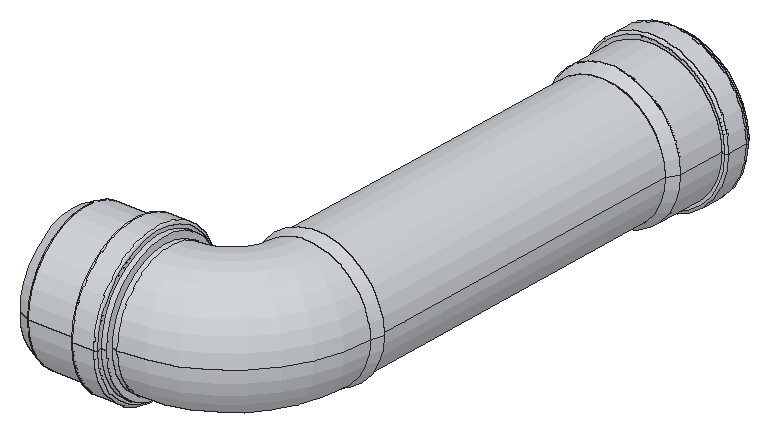
Revit family "RAUPIANO PLUS Deflection Bend 87", category Pipe Fittings, Revit 2012
Parameters (values of type "Standard")
  z2tmin [instance] = z2 + tmin  # 253.3 mm
  z2 [instance] = size_lookup(Lookup Table Name, "z2", 0 mm, Nominal Diameter, alpha)  # 204 mm
  z1 [instance] = size_lookup(Lookup Table Name, "z1", 0 mm, Nominal Diameter, alpha)  # 47 mm
  tmin [instance] = size_lookup("RAUPIANO Pipe.csv", "tmin", 0 mm, Nominal Diameter)  # 49.3 mm
  re [instance] = de / 2  # 37.5 mm
  e [instance] = size_lookup("RAUPIANO Pipe.csv", "e", 0 mm, Nominal Diameter)  # 1.9 mm
  de [instance] = size_lookup("RAUPIANO Pipe.csv", "de", 0 mm, Nominal Diameter)  # 75 mm
  bminx2 [instance] = bmin * 2  # 7 mm
  Type Comments = "RAU-PP; Push-fit; White"  # constant formula
  Thermal expansion coefficient [instance] = "0,09 mm/m.K"  # constant formula
  Temperature resistance [instance] = "90°C (continuous), 95°C (short term)"  # constant formula
  T3 = "DN 110 - 87 degree"
  T2 = "DN 90 - 87 degree"
  T1 = "DN 75 - 87 degree"
  Spec Text [instance] = if(D = 75 mm, T1, if(D = 90 mm, T2, if(D = 110 mm, T3, Fail)))  # "DN 75 - 87 degree"
  Pressure resistance [instance] = "1 bar (100 kPa, 10m)"  # constant formula
  Materialcode SAP [instance] = if(D = 75 mm, M1, if(D = 90 mm, M2, if(D = 110 mm, M3, Fail)))  # "11230751001"
  Manufacturer = "REHAU"  # constant formula
  M3 = "11230951001"
  M2 = "11230851001"
  M1 = "11230751001"
  Health and environmental impact [instance] = "Halogen-free (no F, Cl, Br, J) and 100% recyclable"  # constant formula
  Fire load [instance] = "14.992 kJ/kg"  # constant formula
  Fire behaviour [instance] = "B2 (DIN 4102); D,S3-d0 (EN 13501-1)"  # constant formula
  Fail = "No article found"
  Description = "REHAU RAUPIANO PLUS deflection bend"  # constant formula
  D [instance] = Nominal Diameter  # 75 mm
  Class [instance] = "SN4"  # constant formula
  Chemical resistance [instance] = "pH 2 - 12"  # constant formula
  Belt thickness [instance] = ((Dmax / 2) - Sleeve Radius 1)  # 3.5 mm
  bmin [instance] = size_lookup("RAUPIANO Pipe.csv", "bmin", 0 mm, Nominal Diameter)  # 3.5 mm
  Sleeve Radius 2 [instance] = (Dmax + de) / 4  # 41 mm
  Sleeve Radius 1 [instance] = (Dmax + de) / 4  # 41 mm
  Sleeve Length 2 2 [instance] = tmin - bmin  # 45.8 mm
  Sleeve Length 1 [instance] = tmin + bmin  # 52.8 mm
  Nominal Radius [instance] = 37.5 mm
  Nominal Diameter [instance] = Nominal Radius * 2  # 75 mm
  Loss Method = K Coefficient from Table
  Lookup Table Name = "RAUPIANO Deflection Bend 87.csv"
  K Coefficient Table = "Regular 45, 90 and 180 Elbow"
  Dmax [instance] = size_lookup("RAUPIANO Pipe.csv", "Dmax", 0 mm, Nominal Diameter)  # 89 mm
  Center to End [instance] = Center Radius * tan(alpha / 2)  # 43.652 mm
  Center Radius [instance] = re + bmin + 5 mm  # 46 mm
  alpha [instance] = 87.00°  # constant formula
  Belt Radius 2 [instance] = ((Dmax / 2) - Sleeve Radius 2) / 2.5  # 1.4 mm
  Belt Radius 1 [instance] = ((Dmax / 2) - Sleeve Radius 1) / 2.5  # 1.4 mm
  Belt Length 2 [instance] = 3 / 10 * tmin  # 14.79 mm
  Belt Length 1 [instance] = 3 / 10 * tmin  # 14.79 mm
  Article No [instance] = if(D = 75 mm, A1, if(D = 90 mm, A2, if(D = 110 mm, A3, Fail)))  # "123075-001"
  Application [instance] = "Not to be exposed to UV-radiation"  # constant formula
  Acoustic properties [instance] = "Rw + Ctr 42 (with industry standard suspended ceiling)"  # constant formula
  A3 = "123095-001"
  A2 = "123085-001"
  A1 = "123075-001"
Reference planes
  plane 1 "Center (Front/Back)": y = 0
  plane 2: z = 0
  plane 3 "Center (Left/Right)": x = 0
  plane 4: x = -43.652
  plane 5: y = 46
  plane 6: x = -92.8
  plane 7: x = -96.3
  plane 8: x = -99.8
  plane 9: x = -50.5
  plane 10: x = -65.29
  plane 11: x = -47
Forms (mm)
  Sweep 1, solid, detail levels fine
    path in 3D
      loop
        line (-92.8, 0, 0) -> (-47, 0, 0)
    profile origin (-69.9, 0, 0) x (0, 1, 0) y (0, 0, 1)
      loop
        circle (0, 0) r 41
  Sweep 2, solid, detail levels fine
    path in 3D
      loop
        arc (-43.652, 0, 0) -> (-11.988, 12.633, 0) -> (2.285, 43.593, 0) r 46
    profile origin (-11.988, 12.633, 0) x (-0.688355, 0.725374, 0) y (0, 0, 1)
      loop
        circle (0, 0) r 37.5
  Revolve 3, solid, detail levels fine
    sketch origin (2.285, 43.593, 0) x (0.052336, 0.99863, 0) y (-0.99863, 0.052336, 0)
      loop
        line (249.8, -41) -> (235.01, -41) -> (235.01, -43.1)
        arc (235.01, -43.1) -> (235.42, -44.09) -> (236.41, -44.5) r 1.4
        line (236.41, -44.5) -> (248.4, -44.5)
        arc (248.4, -44.5) -> (249.39, -44.09) -> (249.8, -43.1) r 1.4
        line (249.8, -43.1) -> (249.8, -41)
      axis (235.01, 0) -> (249.8, 0)
    angle from 0 to 360
  SweptBlend 4, solid, detail levels fine
    path in 3D
      loop
        line (13.144, 250.808, 0) -> (12.778, 243.818, 0)
    profile origin (13.144, 250.808, 0) x (0.99863, -0.052336, 0) y (0, 0, 1)
      loop
        circle (0, 0) r 41
    end profile origin (12.778, 243.818, 0) x (0.99863, -0.052336, 0) y (0, 0, 1)
      loop
        circle (0, 0) r 37.5
  Sweep 5, solid, detail levels fine
    path in 3D
      loop
        line (13.144, 250.808, 0) -> (15.541, 296.545, 0)
    profile origin (14.343, 273.677, 0) x (-0.99863, 0.052336, 0) y (0, 0, 1)
      loop
        circle (0, 0) r 41
  SweptBlend 6, solid, detail levels fine
    path in 3D
      loop
        line (-92.8, 0, 0) -> (-99.8, 0, 0)
    profile origin (-92.8, 0, 0) x (0, -1, 0) y (0, 0, 1)
      loop
        circle (0, 0) r 41
    end profile origin (-99.8, 0, 0) x (0, -1, 0) y (0, 0, 1)
      loop
        circle (0, 0) r 37.5
  Revolve 7, solid, detail levels fine
    sketch origin (0, 0, 0) x (1, 0, 0) y (0, 1, 0)
      loop
        line (-65.29, -41) -> (-65.29, -43.1)
        arc (-65.29, -43.1) -> (-64.88, -44.09) -> (-63.89, -44.5) r 1.4
        line (-63.89, -44.5) -> (-51.9, -44.5)
        arc (-51.9, -44.5) -> (-50.91, -44.09) -> (-50.5, -43.1) r 1.4
        line (-50.5, -43.1) -> (-50.5, -41) -> (-65.29, -41)
      axis (-50.5, 0) -> (-65.29, 0)
    angle from 0 to 360
  Extrusion 8, solid, detail levels fine
    sketch origin (-43.652, 1524, 1219.2) x (0, 1, 0) y (0, 0, 1)
      loop
        circle (-1524, -1219.2) r 37.5
    from 0 to -3.348
  Revolve 9, solid, detail levels fine
    sketch origin (2.285, 43.593, 0) x (0.052336, 0.99863, 0) y (-0.99863, 0.052336, 0)
      loop
        line (0, -37.5) -> (7, -39.4) -> (7, -37.5) -> (0, -37.5)
      axis (0, 0) -> (7, 0)
    angle from 0 to 360
  Sweep 10, solid, detail levels fine
    path in 3D
      loop
        line (2.285, 43.593, 0) -> (12.778, 243.818, 0)
    profile origin (7.531, 143.705, 0) x (-0.99863, 0.052336, 0) y (0, 0, 1)
      loop
        circle (0, 0) r 37.5
Cuts and joins
  joined: Sweep 2, Extrusion 8, Revolve 9, Sweep 10
Lines and regions (mm)
  reference lines
    curve 1: line (-92.8, 0, 0) -> (-47, 0, 0)
    curve 2: arc (-43.652, 0, 0) -> (-11.988, 12.633, 0) -> (2.285, 43.593, 0) r 46
    curve 3: line (2.285, 43.593, 0) -> (15.541, 296.545, 0)
    curve 6: line (-26.36, 280.426, 0) -> (55.528, 276.135, 0)
    curve 7: line (-25.586, 295.196, 0) -> (56.302, 290.904, 0)
    curve 8: line (13.144, 250.808, 0) -> (15.541, 296.545, 0)
    curve 9: line (13.144, 250.808, 0) -> (12.778, 243.818, 0)
    curve 12: line (-92.8, 0, 0) -> (-99.8, 0, 0)
    curve 19: line (2.285, 43.593, 0) -> (39.733, 41.63, 0)
    curve 20: line (2.285, 43.593, 0) -> (12.778, 243.818, 0)
  sketch lines
    curve 4: line (-92.8, 0, 0) -> (-47, 0, 0)
    curve 5: arc (-43.652, 0, 0) -> (-11.988, 12.633, 0) -> (2.285, 43.593, 0) r 46
    curve 10: line (13.144, 250.808, 0) -> (12.778, 243.818, 0)
    curve 11: line (13.144, 250.808, 0) -> (15.541, 296.545, 0)
    curve 13: line (-92.8, 0, 0) -> (-99.8, 0, 0)
    curve 21: line (2.285, 43.593, 0) -> (12.778, 243.818, 0)
  model lines, style "PipeFitting", detail levels coarse+medium
    curve 14: line (-99.8, 37.5, 0) -> (-99.8, -37.5, 0)
    curve 15: line (-43.652, 0, 0) -> (-99.8, 0, 0)
    curve 16: arc (-43.652, 0, 0) -> (-11.988, 12.633, 0) -> (2.285, 43.593, 0) r 46
    curve 17: line (2.285, 43.593, 0) -> (15.541, 296.545, 0)
    curve 18: line (-21.907, 298.508, 0) -> (52.99, 294.583, 0)
  model lines, style "Symbol", detail levels coarse+medium
    curve 22: line (15.541, 296.545, 37.5) -> (15.541, 296.545, -37.5)
    curve 23: line (-99.8, 0, 37.5) -> (-99.8, 0, -37.5)
Dimensions and locks
  "Center to End": plane 4 to plane 3 "Center (Left/Right)"
  "Center Radius": plane 5 to plane 1 "Center (Front/Back)"
  "tmin": plane 7 to plane 11
  "z2tmin": curve 3 to curve 3
  locked: plane 5 to curve 2 at 0
  locked: plane 4 to curve 2 at 0
  equal spacing: curve 6, curve 3, curve 6
  "Sleeve Radius 2": curve 6 to curve 3
  equal spacing: curve 7, curve 3, curve 7
  "Belt thickness": curve 7 to curve 3
  "Sleeve Radius 2": curve 7 to curve 3
  "Belt Length 2": curve 6 to curve 7
  "Belt thickness": Revolve 3 sketch curve to Revolve 3 sketch curve
  equal spacing: plane 8, plane 7, plane 6
  "bmin": plane 7 to plane 6
  "Belt thickness": plane 9 to plane 11
  "Belt Length 1": plane 10 to plane 9
  "Belt thickness": Revolve 7 sketch curve to Revolve 7 sketch curve
  "Sleeve Radius 1": Revolve 7 sketch curve to plane 1 "Center (Front/Back)"
  "de": curve 14 to curve 14
  equal spacing: curve 14, plane 1 "Center (Front/Back)", curve 14
  "de": curve 18 to curve 18
  equal spacing: curve 18, curve 17, curve 18
  "z2tmin": curve 17 to curve 17
  "z1": plane 11 to plane 3 "Center (Left/Right)"
  "bminx2": curve 9 to curve 9
  "Sleeve Length 2 2": curve 8 to curve 8
  "re": curve 19 to curve 19
  "e": Revolve 9 sketch curve to Revolve 9 sketch curve
  "bminx2": Revolve 9 sketch curve to Revolve 9 sketch curve
  equal spacing: curve 22, curve 3, curve 22
  "Nominal Radius": curve 3 to curve 22
  equal spacing: curve 23, level, curve 23
  "Nominal Radius": curve 23 to level
  "Center Radius": radius of curve 2
  "Sleeve Radius 1": radius of Sweep 1 sketch curve
  "re": radius of Sweep 2 sketch curve
  "Belt Radius 2": radius of Revolve 3 sketch curve  (x2)
  "Sleeve Radius 2": radius of SweptBlend 4 sketch curve
  "re": radius of SweptBlend 4 sketch curve
  "Sleeve Radius 2": radius of Sweep 5 sketch curve
  "Sleeve Radius 1": radius of SweptBlend 6 sketch curve
  "re": radius of SweptBlend 6 sketch curve
  "Belt Radius 1": radius of Revolve 7 sketch curve  (x2)
  "re": radius of Extrusion 8 sketch curve
  "re": radius of Sweep 10 sketch curve
  "alpha": angle curve 2 to curve 2
  "alpha": angle plane 1 "Center (Front/Back)" to curve 3
  "alpha": angle curve 16 to curve 16
  locked: curve 17 to curve 18 (angle 90.00°)
  aligned and locked: plane 1 "Center (Front/Back)" to curve 1
  aligned and locked: plane 4 to curve 2
  aligned and locked: Revolve 3 sketch curve to curve 3
  aligned and locked: curve 7 to Revolve 3 sketch curve
  aligned and locked: curve 6 to Revolve 3 sketch curve
  aligned and locked: Revolve 3 sketch curve to curve 6
  aligned and locked: Revolve 3 sketch curve to Revolve 3 sketch curve
  aligned and locked: plane 6 to curve 12
  aligned and locked: plane 8 to curve 12
  aligned and locked: Revolve 7 sketch curve to plane 9
  aligned and locked: Revolve 7 sketch curve to plane 10
  aligned and locked: Revolve 7 sketch curve to Revolve 7 sketch curve
  aligned and locked: curve 14 to plane 8
  aligned and locked: plane 4 to curve 15
  aligned and locked: plane 1 "Center (Front/Back)" to curve 16
  aligned and locked: curve 3 to curve 17
  aligned and locked: curve 18 to curve 3
  aligned and locked: plane 11 to curve 1
  aligned and locked: Extrusion 8 to plane 11
  aligned and locked: curve 19 to Revolve 9 sketch curve
  aligned and locked: Revolve 9 sketch curve to curve 19
  aligned and locked: Revolve 9 sketch curve to curve 3
  aligned and locked: curve 20 to curve 3
  aligned and locked: curve 22 to curve 3
  aligned and locked: curve 23 to plane 8
Automatic sketch dimensions
  Sweep 1 sketch curve to profile plane = 0 mm  (x2)
  Sweep 2 sketch curve to profile plane = 0 mm
  profile plane to Sweep 2 sketch curve = 0 mm
  Revolve 3 sketch curve to curve 3 = 0 mm  (x2)
  SweptBlend 4 sketch curve to profile plane = 0 mm  (x4)
  Sweep 5 sketch curve to profile plane = 0 mm
  profile plane to Sweep 5 sketch curve = 0 mm
  SweptBlend 6 sketch curve to profile plane = 0 mm  (x4)
  Revolve 7 sketch curve to plane 1 "Center (Front/Back)" = 0 mm
  Revolve 7 sketch curve to plane 8 = 1428.071 mm
  plane 3 "Center (Left/Right)" to Revolve 7 sketch curve = 1524 mm
  curve 16 to plane 5 = 0 mm
  Extrusion 8 sketch curve to level = 0 mm
  Extrusion 8 sketch curve to plane 1 "Center (Front/Back)" = 0 mm
  Revolve 9 sketch curve to curve 3 = 0 mm  (x2)
  curve 20 to curve 3 = 0 mm
  curve 8 to curve 3 = 0 mm
  Sweep 10 sketch curve to profile plane = 0 mm
  profile plane to Sweep 10 sketch curve = 0 mm
Connectors
  piping at (-99.8, 0, 0), driven by "Nominal Radius"
    settings: on SweptBlend 6, index 1, connector radius 37.5 mm, flow factor 0, pipe flow 0.0 L/s, pressure drop 0.0 Pa, fitting loss kfactor 0, connector angle 0.00°, fixture units 0, engagement length 0 mm, flow configuration 0, flow direction 0, fitting loss method 0, system type 28, joint type 0, gender type 0, connector reference index 2, connector utility 0, adjustable connector no, is connector primary yes, fitting loss table "", connector description ""
  piping at (15.541, 296.545, 0), driven by "alpha", driven by "Nominal Radius"
    settings: on Sweep 5, index 2, connector radius 37.5 mm, flow factor 0, pipe flow 0.0 L/s, pressure drop 0.0 Pa, fitting loss kfactor 0, connector angle 87.00°, fixture units 0, engagement length 0 mm, flow configuration 0, flow direction 0, fitting loss method 0, system type 28, joint type 0, gender type 0, connector reference index 1, connector utility 0, adjustable connector no, is connector primary no, fitting loss table "", connector description ""
